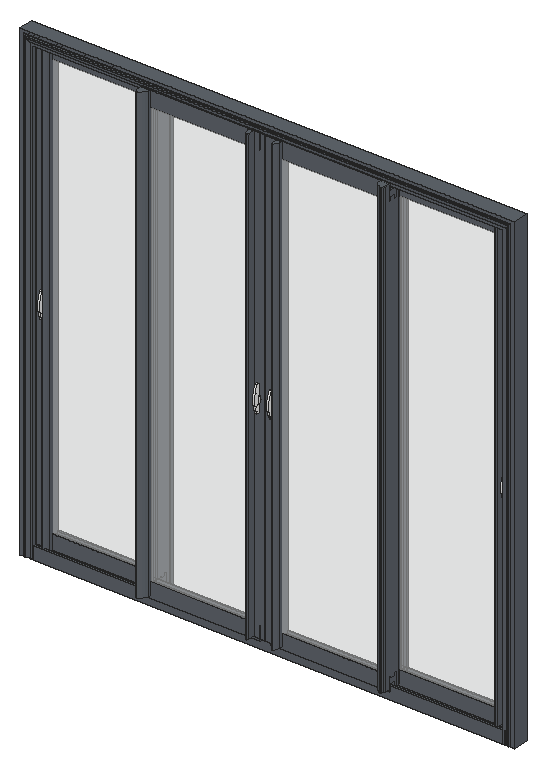
Revit family "Wicslide_65_Glass24_4_leaf_2_track_4_leaf_slide_or_2_inner_slide_2_outer_fixed", category Doors, host Wall, Revit 2014
Parameters
  Youtube clip = ""
  Weight Net (Kg) = 0
  Watertightness = "E900"
  Uniclass2 = "Ss-25-30-95-28"
  Uniclass 2015 Name = ""
  Uniclass 2015 Code = ""
  Uniclass 2.0 Description = ""
  Uniclass 2.0 Code = ""
  Uniclass 1.4 Description = ""
  Uniclass 1.4 Code = ""
  URL = "http://www.wicona.com"
  UNSPSC Code = ""
  Technical description = ""
  Sash meeting 3041242 = yes
  Sash meeting 3041241 = no
  Sash meeting 3041240 = not(or(Sash meeting 3041241, Sash meeting 3041242))  # no
  Sash 1041263 = yes
  Thermal (2-leaf frame) = "Uw < 1.5 W/m².K (with Ug = 1.0)"
  Sash 1041262 = no
  Sash 1041261 = no
  Sash 1041260 = not(or(Sash 1041261, Sash 1041262, Sash 1041263))  # no
  Repeated Opening/Closing = "Class 3 (20,000 Cycles)"
  Region South America = "None"
  Region Oceania = "None"
  Region North America = "None"
  Region Middle East = "None"
  Region Europe = "AD, AL, AT, AX, BA, BE, BG, BY, CH, CS, CY, CZ, DE, DK, EE, ES, FI, FO, FR, GB, GG, GI, GR, HR, HU, IE, IM, IS, IT, JE, LI, LT, LU, LV, MC, MD, ME, MK, MT, NL, NO, PL, PT, RO, RS, RU, SE, SI, SJ, SK, SM, UA, VA, XK"
  Region Asia = "None"
  Region Antarctica = "None"
  Region Africa = "None"
  Quality Assurance = "Certified according to ISO 9001:2008"
  QR code = "http://bimobject.com/wicona/product/WICSLIDE_65_W"
  Product group = ""
  Product family = ""
  Product data url = "http://bimobject.com/wicona/product/WICSLIDE_65_W"
  Product certification = ""
  Product SKU = "WICSLIDE_65_W"
  Product Guid = "74bd8be9-202c-4542-9c4e-775a99e34c85"
  Operation = "IFC_DOORSLIDING"
  Operating Forces = "Class 1"
  OmniClass Description = ""
  OmniClass Code = ""
  Nominal width = 220000
  Nominal height = 210000
  NBS Reference Description = ""
  NBS Reference Code = ""
  Model = "Wicslide 65"
  Mechanical Strength = "Class 4"
  Maximum Sash Weight = "160kg as standard design, heavier weights can easily be customised"
  Material secondary = ""
  Material main = ""
  Manufacturer name = "Wicona"
  Manufacturer country = "Germany"
  Manufacturer = "Wicona"
  Load Bearing Capacity of Safety Devices = "Fulfilled"
  Leaf Width = 56 mm + Glass Width + 17 mm  # 520.25 mm
  Leaf Material = WICONA - Aluminium - RAL7016 - Anthracite Grey - Matt
  Leaf Height All = Height - Frame Width 2 - Bottom Offset  # 2007.5 mm
  Leaf Connect = 6.2 mm  # constant formula
  Leaf 4 Width = 17 mm + Glass Width + 56 mm  # 520.25 mm
  Leaf 3 Width = 17 mm + Glass Width + 56 mm  # 520.25 mm
  Leaf 2 Width = 17 mm + Glass Width + 56 mm  # 520.25 mm
  Keynote = "L10/330"
  Installation instructions = ""
  IFC Classification = ""
  Handle Material = Aluminium
  Glass Width = Frame all / 4  # 447.25 mm
  Glass Material = WICONA -  Glass
  Function = Interior
  Frame all = Width - ((56 mm * 4) + (17 mm * 4) + (Frame Width 2 * 2)) - 24 mm  # 1789 mm
  Frame Width 3 = Frame Width - 34.5 mm  # 32.5 mm
  Frame Width 2 = if(Frame 1041226, 47.5 mm, if(Frame 1041231, 54.5 mm, 54.5 mm))  # 47.5 mm
  Frame Width = 67 mm
  Height = 2100 mm
  Wall Closure = By host
  Width = 2200 mm
  Frame Material = WICONA - Aluminium - RAL7016 - Anthracite Grey - Matt
  Frame Depth = 65 mm
  Frame 1041226 = yes
  Frame 1041231 = not(or(Frame 1041226))  # no
  Edition number = 1
  EN1627 Burglar Resistance = "RC1N, RC2N, RC2, RC3, SBD"
  EAN code = ""
  Door Offset = 60 mm
  Door 1 connect = Leaf 3 Width + Frame Width 2  # 567.75 mm
  Door 2 connect = Leaf 3 Width * 2 + Frame Width 2 + 24 mm  # 1112 mm
  Design country = "Germany"
  Description = "With  its  various  designs  of  outer  and  opening  frames, multiple  leaf  combinations  (from  2  to  6  leaves)  and  its  comprehensive range of dual colour solutions, the Wicslide 65 brings greater freedom to building design. Designed  to  meet  market  demands,  Wicslide  65  sliding doors are perfectly suited for disabled access."
  Date of publishing = "3/14/2015"
  Corrosion Resistance of the Fittings = "Class 5"
  COBIe Type Category = ""
  Bottom Offset = if(Frame Bottom 1041226, 45 mm, 53 mm)  # 45 mm
  Frame Bottom 1041232 = no
  Frame Bottom 1041226 = yes
  Frame Bottom 1041231 = not(or(Frame Bottom 1041232, Frame Bottom 1041226))  # no
  BIMobject category = ""
  Analytic Construction = "<None>"
  Air Permeability = "Class 4"
  Acoustic = "RA,tr = 35 dB"
Reference planes
  plane 1: y = 0
  plane 2 "Center (Left/Right)": x = 0
  plane 3 "Left": x = -1100
  plane 4 "Right": x = 1100
  plane 5: z = 2100
  plane 6 "Exterior": y = 75
  plane 7 "Interior": y = -75
  plane 8 "base line": y = 15
  plane 9: y = -50
  plane 10: x = -1052.5
  plane 11: z = 2052.5
  plane 12: x = 1052.5
  plane 13: x = 12
  plane 14: y = 1081.9
  plane 15: x = -1055
  plane 16: x = 1055
  plane 17: y = -44
  plane 18: y = 9
  plane 19: z = 2051.035
  plane 20: x = -532.25
  plane 21: x = 484.75
Forms (mm)
  Sweep 1, solid, material "WICONA - Aluminium - RAL7016 - Anthracite Grey - Matt" <- "Frame Material", visible <- "Frame 1041231"
    path origin (0, 15, 0) x (-1, 0, 0) y (0, 0, 1)
      loop
        line (1100, 0) -> (1100, 2100) -> (-1100, 2100) -> (-1100, 0)
    profile "Frame_1041231_profil : Frame_1041231_profil" origin (-1100, 15, 1050) x (1, 0, 0) y (0, 1, 0)
      loop
        line (0, 0.014) -> (0, -64.986) -> (47.501, -64.986) -> (47.501, -52.986) -> (28.03, -52.986) -> (28.03, -11.986) -> (47.501, -11.986) -> (47.501, 0.014) -> (0, 0.014)
  Sweep 2, solid, material "WICONA - Aluminium - RAL7016 - Anthracite Grey - Matt" <- "Frame Material", visible <- "Frame Bottom 1041231"
    path origin (0, 15, 0) x (-1, 0, 0) y (0, 0, 1)
      loop
        line (1055, 0) -> (-1055, 0)
    profile origin (0, 15, 0) x (0, 0, -1) y (0, 1, 0)
      loop
        line (0, 0) -> (-47.501, 0) -> (-47.501, -11.986) -> (-28.03, -11.986) -> (-28.03, -52.986) -> (-47.501, -52.986) -> (-47.501, -65) -> (0, -65) -> (0, 0)
  Sweep 3, solid, material "WICONA - Aluminium - RAL7016 - Anthracite Grey - Matt" <- "Frame Material", visible <- "Frame Bottom 1041226"
    path origin (0, 15, 0) x (-1, 0, 0) y (0, 0, 1)
      loop
        line (1055, 0) -> (-1055, 0)
    profile origin (0, 15, 0) x (0, 0, -1) y (0, 1, 0)
      loop
        line (-41.095, 0) -> (-54.504, 0) -> (-54.504, -11.986) -> (-35.067, -11.986) -> (-35.067, -52.986) -> (-54.504, -52.986) -> (-54.504, -65) -> (0, -65) -> (0, 0) -> (-16, 0) -> (-16, -5.069) -> (-17.931, -7) -> (-22.706, -7) -> (-22.706, 2) -> (-28.468, 2) -> (-41.095, 0)
  Sweep 4, solid, material "WICONA - Aluminium - RAL7016 - Anthracite Grey - Matt" <- "Frame Material", visible <- "Frame Bottom 1041232"
    path origin (0, 15, 0) x (-1, 0, 0) y (0, 0, 1)
      loop
        line (1055, 0) -> (-1055, 0)
    profile origin (0, 15, 0) x (0, 0, -1) y (0, 1, 0)
      loop
        line (0, 0) -> (-47.552, 0) -> (-47.552, -12) -> (-28.081, -12) -> (-28.081, -52.986) -> (-47.552, -52.986) -> (-47.552, -65.034) -> (-18.521, -65.034) -> (-18.521, -78.74)
        arc (-18.521, -78.74) -> (-25.376, -83.227) -> (-33.01, -86.2) r 39.405
        line (-33.01, -86.2) -> (-46.2, -86.2) -> (-46.2, -85) -> (-47.5, -85) -> (-47.5, -88) -> (-32.284, -88)
        arc (-32.284, -88) -> (-23.829, -84.402) -> (-16.3, -79.134) r 44.207
        line (-16.3, -79.134) -> (-16.3, -65) -> (0, -65) -> (0, 0)
  Sweep 5, solid, material "WICONA - Aluminium - RAL7016 - Anthracite Grey - Matt" <- "Frame Material", visible <- "Frame 1041226"
    path origin (0, 15, 0) x (-1, 0, 0) y (0, 0, 1)
      loop
        line (1100, 0) -> (1100, 2100) -> (-1100, 2100) -> (-1100, 0)
    profile origin (-1100, 15, 1050) x (1, 0, 0) y (0, 1, 0)
      loop
        line (54.5, -65) -> (54.5, -53) -> (35.067, -53) -> (35.067, -12) -> (54.5, -12) -> (54.5, 0) -> (0, 0) -> (0, -65) -> (16, -65) -> (16, -59.931) -> (17.931, -58) -> (22.706, -58) -> (22.706, -67) -> (28.468, -67) -> (41.095, -65) -> (54.5, -65)
Lines and regions (mm)
  Opening 1
    outline origin (-3050, -75, 0) x (1, 0, 0) y (0, 0, 1)
      loop
        line (1950, 0) -> (4150, 0) -> (4150, 2100) -> (1950, 2100) -> (1950, 0)
  model lines
    curve 1: line (0, -47.728, -46.926) -> (0, -47.728, -43.389)
  symbolic lines, style "Elevation Swing"
    curve 2: line (153.788, -75, 1193.851) -> (433.788, -75, 1193.851)
    curve 3: line (153.788, -75, 1193.851) -> (213.892, -75, 1253.955)
    curve 4: line (153.788, -75, 1193.851) -> (213.892, -75, 1133.747)
    curve 14: line (-129.788, -75, 1193.851) -> (-409.788, -75, 1193.851)
    curve 15: line (-129.788, -75, 1193.851) -> (-189.892, -75, 1253.955)
    curve 16: line (-129.788, -75, 1193.851) -> (-189.892, -75, 1133.747)
    curve 17: line (-906.212, -75, 1193.851) -> (-626.212, -75, 1193.851)
    curve 18: line (-906.212, -75, 1193.851) -> (-846.108, -75, 1253.955)
    curve 19: line (-906.212, -75, 1193.851) -> (-846.108, -75, 1133.747)
    curve 20: line (930.212, -75, 1193.851) -> (650.212, -75, 1193.851)
    curve 21: line (930.212, -75, 1193.851) -> (870.108, -75, 1253.955)
    curve 22: line (930.212, -75, 1193.851) -> (870.108, -75, 1133.747)
  symbolic lines, style "Plan Swing", detail levels coarse
    curve 5: line (-1052.5, -75, 0) -> (-1100, -75, 0)
    curve 6: line (1052.5, 75, 0) -> (1052.5, -75, 0)
    curve 7: line (-1052.5, 75, 0) -> (-1052.5, -75, 0)
    curve 8: line (-1052.5, 75, 0) -> (-1100, 75, 0)
    curve 9: line (1100, 75, 0) -> (1052.5, 75, 0)
    curve 10: line (1100, -75, 0) -> (1052.5, -75, 0)
  symbolic lines, style "Elevation Swing", not visible
    curve 11: line (153.788, -75, 1243.851) -> (433.788, -75, 1243.851)
    curve 12: line (153.788, -75, 1243.851) -> (213.892, -75, 1303.955)
    curve 13: line (153.788, -75, 1243.851) -> (213.892, -75, 1183.747)
Text (mm)
  text "Exterior" at (-2295.016, 1099.543, 0), in view "Ref. Level"
  text "Exterior" at (0, 1615.38, 3698.081), in view "Left"
  text "Exterior" at (0, 1036.032, 3874.932), in view "Right"
Dimensions and locks
  equal spacing: plane 3 "Left", plane 2 "Center (Left/Right)", plane 4 "Right"
  "Width": plane 3 "Left" to plane 4 "Right"
  "Height": plane 5 to host wall
  host wall to plane 5 = 2100 mm  (x2)
  locked: plane 6 "Exterior" to host wall at 0
  locked: plane 7 "Interior" to host wall
  "Door Offset": host wall to plane 8 "base line"
  "Frame Depth": plane 8 "base line" to plane 9
  "Frame Width 2": plane 3 "Left" to plane 10
  "Frame Width 2": plane 11 to plane 5
  "Frame Width 2": plane 12 to plane 4 "Right"
  "Bottom Offset": plane 3 "Left" to plane 15
  "Bottom Offset": plane 16 to plane 4 "Right"
  locked: plane 8 "base line" to plane 18 at 6
  locked: plane 9 to plane 17 at 6
  locked: plane 11 to plane 19 at 1.465
  "Door 2 connect": plane 3 "Left" to plane 13
  "Door 1 connect": plane 3 "Left" to plane 20
  "Door 1 connect": plane 21 to plane 12
  aligned and locked: plane 3 "Left" to Opening 1 sketch curve
  aligned and locked: plane 5 to Opening 1 sketch curve  (x2)
  aligned and locked: Opening 1 sketch curve to plane 4 "Right"
  aligned and locked: Opening 1 sketch curve to level
  aligned and locked: plane 1 to host wall
  aligned and locked: Sweep 1 sketch curve to plane 3 "Left"
  aligned and locked: plane 5 to Sweep 1 sketch curve
  aligned and locked: plane 4 "Right" to Sweep 1 sketch curve
  aligned and locked: nested 1 to plane 8 "base line"
  aligned and locked: nested 1 to plane 3 "Left"
  aligned and locked: nested 2 to plane 4 "Right"
  aligned and locked: plane 8 "base line" to nested 2
  aligned and locked: plane 9 to nested 3
  aligned and locked: level to nested 3
  aligned and locked: nested 4 to level
  aligned and locked: nested 4 to plane 9
  aligned and locked: level to nested 5
  aligned and locked: plane 9 to nested 5
  aligned and locked: plane 16 to Sweep 3 sketch curve
  aligned and locked: plane 15 to Sweep 3 sketch curve
  aligned and locked: plane 15 to Sweep 4 sketch curve
  aligned and locked: plane 16 to Sweep 4 sketch curve
  aligned and locked: plane 15 to Sweep 2 sketch curve
  aligned and locked: plane 16 to Sweep 2 sketch curve
  aligned and locked: plane 5 to nested 6
  aligned and locked: nested 7 to plane 4 "Right"
  aligned and locked: plane 8 "base line" to nested 7
  aligned and locked: nested 8 to plane 8 "base line"
  aligned and locked: nested 8 to plane 3 "Left"
  aligned and locked: plane 5 to nested 9
  aligned and locked: plane 9 to nested 9
  aligned and locked: plane 19 to nested 10
  aligned and locked: plane 7 "Interior" to curve 7
  aligned and locked: plane 6 "Exterior" to curve 7
  aligned and locked: curve 7 to plane 10
  aligned and locked: plane 3 "Left" to curve 8
  aligned and locked: plane 10 to curve 8
  aligned and locked: curve 8 to plane 6 "Exterior"
  aligned and locked: plane 3 "Left" to curve 5
  aligned and locked: curve 5 to plane 7 "Interior"
  aligned and locked: plane 7 "Interior" to curve 6
  aligned and locked: plane 6 "Exterior" to curve 6
  aligned and locked: curve 6 to plane 12
  aligned and locked: plane 4 "Right" to curve 10
  aligned and locked: plane 12 to curve 10
  aligned and locked: curve 10 to plane 7 "Interior"
  aligned and locked: plane 4 "Right" to curve 9
  aligned and locked: curve 9 to plane 6 "Exterior"
  aligned and locked: plane 10 to nested 11
  aligned and locked: nested 11 to plane 18
  aligned and locked: nested 12 to plane 17
  aligned and locked: plane 12 to nested 12
  aligned and locked: plane 17 to nested 10
  aligned and locked: plane 13 to nested 10
  aligned and locked: plane 12 to nested 13
  aligned and locked: plane 18 to nested 13
  aligned and locked: nested 13 to plane 19
  aligned and locked: nested 6 to plane 9
  aligned and locked: plane 10 to nested 14
  aligned and locked: nested 14 to plane 18
  aligned and locked: plane 20 to nested 15
  aligned and locked: nested 15 to plane 17
  aligned and locked: plane 19 to nested 14
  aligned and locked: nested 15 to plane 19
  aligned and locked: plane 10 to nested 16
  aligned and locked: plane 20 to nested 16
  aligned and locked: plane 20 to nested 17
  aligned and locked: plane 13 to nested 17
  aligned and locked: plane 13 to nested 18
  aligned and locked: plane 12 to nested 19
  aligned and locked: plane 21 to nested 18
  aligned and locked: plane 21 to nested 19
  aligned and locked: nested 16 to plane 18
  aligned and locked: nested 19 to plane 18
  aligned and locked: nested 17 to nested 15
  aligned and locked: nested 10 to nested 18
Automatic sketch dimensions
  Sweep 1 sketch curve to level = 0 mm  (x2)
  Sweep 3 sketch curve to level = 0 mm
  plane 9 to curve 1 = 2.272 mm
  curve 1 to level = 46.926 mm
  curve 1 to curve 1 = 3.537 mm
  Sweep 2 sketch curve to level = 0 mm
  Sweep 4 sketch curve to level = 0 mm
  plane 4 "Right" to Sweep 5 sketch curve = 0 mm
  plane 3 "Left" to Sweep 5 sketch curve = 0 mm
  Sweep 5 sketch curve to level = 0 mm  (x2)
  Sweep 5 sketch curve to plane 5 = 0 mm
  Sweep 3 sketch curve to plane 8 "base line" = 0 mm  (x2)
  Sweep 3 sketch curve to profile plane = 0 mm
  Sweep 3 sketch curve to plane 8 "base line" = 5.069 mm
  profile plane to Sweep 3 sketch curve = 16 mm
  Sweep 3 sketch curve to plane 8 "base line" = 7 mm
  Sweep 3 sketch curve to Sweep 3 sketch curve = 1.931 mm
  plane 8 "base line" to Sweep 3 sketch curve = 2 mm
  Sweep 3 sketch curve to Sweep 3 sketch curve = 6.706 mm
  Sweep 3 sketch curve to Sweep 3 sketch curve = 5.762 mm
  Sweep 3 sketch curve to Sweep 3 sketch curve = 12.361 mm
  Sweep 3 sketch curve to Sweep 3 sketch curve = 12.628 mm
  Sweep 3 sketch curve to Sweep 3 sketch curve = 19.437 mm
  Sweep 3 sketch curve to Sweep 3 sketch curve = 13.408 mm
  Sweep 3 sketch curve to plane 8 "base line" = 11.986 mm
  Sweep 3 sketch curve to Sweep 3 sketch curve = 41 mm
  Sweep 3 sketch curve to Sweep 3 sketch curve = 12.014 mm
  Sweep 2 sketch curve to plane 8 "base line" = 0 mm
  profile plane to Sweep 2 sketch curve = 47.501 mm
  Sweep 2 sketch curve to Sweep 2 sketch curve = 0 mm
  Sweep 2 sketch curve to Sweep 2 sketch curve = 19.471 mm
  Sweep 2 sketch curve to profile plane = 0 mm
  Sweep 2 sketch curve to plane 8 "base line" = 11.986 mm
  Sweep 2 sketch curve to Sweep 2 sketch curve = 41 mm
  Sweep 2 sketch curve to Sweep 2 sketch curve = 12.014 mm
  Sweep 5 sketch curve to plane 8 "base line" = 0 mm
  Sweep 5 sketch curve to profile plane = 0 mm
  Sweep 5 sketch curve to profile plane = 16 mm
  Sweep 5 sketch curve to Sweep 5 sketch curve = 1.931 mm  (x2)
  Sweep 5 sketch curve to Sweep 5 sketch curve = 6.706 mm
  Sweep 5 sketch curve to Sweep 5 sketch curve = 5.762 mm
  Sweep 5 sketch curve to plane 8 "base line" = 12 mm
  Sweep 5 sketch curve to profile plane = 35.067 mm
  Sweep 5 sketch curve to Sweep 5 sketch curve = 19.433 mm  (x2)
  Sweep 5 sketch curve to Sweep 5 sketch curve = 41 mm
  Sweep 5 sketch curve to Sweep 5 sketch curve = 5 mm
  Sweep 5 sketch curve to Sweep 5 sketch curve = 5.069 mm
  Sweep 5 sketch curve to Sweep 5 sketch curve = 2 mm
  Sweep 5 sketch curve to Sweep 5 sketch curve = 12.628 mm
  Sweep 5 sketch curve to Sweep 5 sketch curve = 12 mm
  Sweep 4 sketch curve to plane 8 "base line" = 0 mm
  Sweep 4 sketch curve to profile plane = 0 mm
  profile plane to Sweep 4 sketch curve = 16.3 mm
  Sweep 4 sketch curve to Sweep 4 sketch curve = 2.221 mm
  Sweep 4 sketch curve to plane 8 "base line" = 12 mm
  Sweep 4 sketch curve to Sweep 4 sketch curve = 13.763 mm
  Sweep 4 sketch curve to Sweep 4 sketch curve = 15.333 mm
  Sweep 4 sketch curve to Sweep 4 sketch curve = 1.858 mm
  Sweep 4 sketch curve to Sweep 4 sketch curve = 13.916 mm
  Sweep 4 sketch curve to Sweep 4 sketch curve = 1.3 mm
  Sweep 4 sketch curve to Sweep 4 sketch curve = 4.138 mm
  Sweep 4 sketch curve to Sweep 4 sketch curve = 19.471 mm
  Sweep 4 sketch curve to Sweep 4 sketch curve = 33.744 mm
  Sweep 4 sketch curve to Sweep 4 sketch curve = 2.45 mm
  Sweep 4 sketch curve to Sweep 4 sketch curve = 4.793 mm
  Sweep 4 sketch curve to Sweep 4 sketch curve = 12.014 mm
  Sweep 4 sketch curve to Sweep 4 sketch curve = 12.048 mm
  Sweep 4 sketch curve to Sweep 4 sketch curve = 14.134 mm
  Sweep 4 sketch curve to Sweep 4 sketch curve = 3 mm
  Sweep 4 sketch curve to Sweep 4 sketch curve = 1.2 mm
  Sweep 4 sketch curve to Sweep 4 sketch curve = 0.726 mm
  Sweep 4 sketch curve to Sweep 4 sketch curve = 0.394 mm
Nested families
  nested 1: "Frame_1041231" at (-1100, 15, 0), visible <- "Frame 1041231", type "Frame_1041231"
  nested 2: "Frame_1041231" at (1100, 15, 0) x (-1, 0, 0) z (0, 0, 1), visible <- "Frame 1041231", type "Frame_1041231"
  nested 3: "Frame_1041226" at (0, -50, 0) x (0, 0, 1) z (1, 0, 0), type "Frame_1041226"
  nested 4: "Frame_Bottom_1041232" at (0, 15, 0) x (0, 0, 1) z (1, 0, 0), visible <- "Frame Bottom 1041232", built-in parameter 1006206 <- "Frame Bottom 1041232", type "Frame_Bottom_1041232"
  nested 5: "Frame_1041231" at (0, -50, 0) x (0, 0, 1) z (1, 0, 0), visible <- "Frame Bottom 1041231", type "Frame_1041231"
  nested 6: "Frame_1041231" at (0, 15, 2100) x (0, 0, -1) z (1, 0, 0), type "Frame_1041231"
  nested 7: "Frame_1041226" at (1100, 15, 0) x (-1, 0, 0) z (0, 0, 1), visible <- "Frame 1041226", type "Frame_1041226"
  nested 8: "Frame_1041226" at (-1100, 15, 0), visible <- "Frame 1041226", type "Frame_1041226"
  nested 9: "Frame_1041226" at (0, 15, 2100) x (0, 0, -1) z (1, 0, 0), visible <- "Frame 1041226", type "Frame_1041226"
  nested 10: "Leaf_Wicslide_65_2_leaf_2_track_both_sliding_or_1_fixed_1slide" at (12, -44, 43.535), type "Leaf_Wicslide_65_2_leaf_2_track_both_sliding_or_1_fixed_1slide"
    with Sash 1041263 yes, Sash 1041261 no, Handle Distance 18 mm, Leaf Width 520.25 mm, Leaf Height 2007.5 mm
  nested 11: "Seal" at (-1052.5, 9, 0), type "Seal"
  nested 12: "Seal" at (1052.5, -44, 0) x (-1, 0, 0) z (0, 0, 1), type "Seal"
  nested 13: "Leaf_Wicslide_65_2_leaf_2_track_both_sliding_or_1_fixed_1slide_right" at (1050.984, 9, 43.535) x (-1, 0, 0) z (0, 0, 1), type "Leaf_Wicslide_65_2_leaf_2_track_both_sliding_or_1_fixed_1slide_right"
    with Sash 1041263 yes, Sash 1041261 no, Handle Distance 18 mm, Leaf Width 520.25 mm, Leaf Height 2007.5 mm
  nested 14: "Leaf_Wicslide_65_meet_connect_in_handle_left" at (-1050.984, 9, 43.535), type "Leaf_Wicslide_65_meet_connect_in_handle_left"
    with Sash 1041263 yes, Sash 1041261 no, Handle Distance 18 mm, Leaf Width 520.25 mm, Leaf Height 2007.5 mm
  nested 15: "Leaf_Wicslide_65_2_leaf_2_track_both_sliding_or_1_fixed_1slide_mirror" at (-12, -44, 43.535) x (-1, 0, 0) z (0, 0, 1), type "Leaf_Wicslide_65_2_leaf_2_track_both_sliding_or_1_fixed_1slide_mirror"
    with Sash 1041263 yes, Sash 1041261 no, Handle Distance 18 mm, Leaf Width 520.25 mm, Leaf Height 2007.5 mm
  nested 16: "sliding door_coarse" at (-1052.5, 9, 0), type "52"
    with built-in parameter 1001306 1.7069 (stored number, unit not read)
  nested 17: "sliding door_coarse" at (-532.25, -44, 0), type "52"
    with built-in parameter 1001306 1.7856 (stored number, unit not read)
  nested 18: "sliding door_coarse" at (12, -44, 0), type "52"
    with built-in parameter 1001306 1.551 (stored number, unit not read)
  nested 19: "sliding door_coarse" at (484.75, 9, 0), type "52"
    with built-in parameter 1001306 1.8627 (stored number, unit not read)
Definition of nested family "Leaf_Wicslide_65_2_leaf_2_track_both_sliding_or_1_fixed_1slide"
  Parameters (values of type "Leaf_Wicslide_65_2_leaf_2_track_both_sliding_or_1_fixed_1slide")
    Sash meeting 3041242 = yes
    Sash meeting 3041240 = no
    Sash meeting 3041241 = no
    Sash 1041263 = no
    Sash 1041260 = no
    Sash 1041261 = yes
    Sash 1041262 = no
    Profil Bottom = 4 mm
    Handle Distance = if(Sash 1041260, 18 mm, if(Sash 1041261, 41 mm, if(Sash 1041262, 38 mm, 18 mm)))  # 41 mm
    Leaf Width = 896 mm
    Leaf Material = Aluminium
    Leaf Height = 1922 mm
    Handle Material = Aluminium
    Handle Height = 850 mm  # constant formula
    Glass Width = 24 mm
    Glass Offset 2 = 7 mm  # constant formula
    Glass Offset = 46.1 mm  # constant formula
    Glass Material = WICONA -  Glass
    Glas Offset Bottom = 46.6 mm
    Frame Material = Aluminium
  Reference planes
    plane 1 "Center (Front/Back)": y = 0
    plane 2: z = 0
    plane 3 "Center (Left/Right)": x = 0
    plane 4: x = 896
    plane 5: z = 1922
    plane 6: x = 46.1
    plane 7: x = 889
    plane 8: z = 1875.4
    plane 9: z = 46.6
    plane 10: z = 896.6
    plane 11: x = 58.1
    plane 12: y = -12.117
    plane 13: y = 11.883
    plane 14: y = 7.334
    plane 15: y = 31.334
    plane 16: x = -3.312
    plane 17: x = 899.312
    plane 18: z = 46.6
    plane 19: y = -41
    plane 20: x = 20
    plane 21: z = 960.237
    plane 22: z = 1923.516
    plane 23: x = -1.516
    plane 24: y = -21.816
    plane 25: z = -5.306
    plane 26: z = 25
    plane 27: x = 914.975
    plane 28: z = 1932.5
    plane 29: z = 1902.5
    plane 30: z = 4
  Forms (mm)
    Sweep 1, solid, material "Aluminium" <- "Leaf Material", visible <- "Sash 1041260"
      path origin (-1.381, 0, 34.551) x (1, 0, 0) y (0, 0, 1)
        loop
          line (0, -30.551) -> (0, 1897.949)
      profile origin (-1.381, 0, 968.25) x (-1, 0, 0) y (0, -1, 0)
        loop
          line (-59.481, -18) -> (8.519, -18) -> (8.519, -12.517) -> (-13.431, -12.517) -> (-13.431, 12.671) -> (8.519, 12.671) -> (8.519, 18) -> (-59.395, 18) -> (-59.395, 12.117) -> (-47.481, 12.117) -> (-47.481, -11.883) -> (-59.481, -11.883) -> (-59.481, -18)
    Extrusion 2, solid, material "WICONA -  Glass" <- "Glass Material", detail levels medium+fine
      sketch origin (-214.248, -550.766, -473.088) x (1, 0, 0) y (0, 0, 1)
        loop
          line (260.348, 2348.488) -> (260.348, 519.688) -> (1103.248, 519.688) -> (1103.248, 2348.488) -> (260.348, 2348.488)
      from -562.649 to -538.649
    Sweep 3, solid, material "Aluminium" <- "Leaf Material"
      path origin (0, 0, 0) x (1, 0, 0) y (0, 0, 1)
        loop
          line (12.05, 0) -> (914.975, 0)
      profile origin (463.512, 0, 0) x (0, 0, 1) y (0, -1, 0)
        loop
          line (-5.306, -16.029) -> (58.694, -16.029) -> (58.694, -11.883) -> (46.634, -11.883) -> (46.634, 12.117) -> (58.694, 12.117) -> (58.694, 16.171) -> (-5.306, 16.171) -> (-5.306, 12.671) -> (25, 12.671) -> (25, -12.517) -> (-5.306, -12.517) -> (-5.306, -16.029)
    Sweep 4, solid, material "Aluminium" <- "Leaf Material", visible <- "Sash meeting 3041240"
      path origin (0, 0, 0) x (1, 0, 0) y (0, 0, 1)
        loop
          line (896, 1932.5) -> (896, 4)
      profile origin (896, 0, 968.25) x (0, -1, 0) y (1, 0, 0)
        loop
          line (-18, -19.026) -> (-11.883, -19.026) -> (-11.883, -7.023) -> (12.117, -7.023) -> (12.117, -19.026) -> (18, -19.026) -> (18, 18.975) -> (-27.453, 18.975) -> (-27.453, 0) -> (-18, 0) -> (-18, -19.026)
    Sweep 5, solid, material "Aluminium" <- "Leaf Material", visible <- "Sash 1041263"
      path origin (0, 0, 0) x (1, 0, 0) y (0, 0, 1)
        loop
          line (0, 4) -> (0, 1932.5)
      profile origin (0, 0, 968.25) x (-1, 0, 0) y (0, -1, 0)
        loop
          line (9.9, -18) -> (9.9, -12.517) -> (-12.05, -12.517) -> (-12.05, 12.671) -> (9.9, 12.671) -> (9.9, 18) -> (-41.1, 18) -> (-41.1, 43) -> (-42.787, 50.915) -> (-43.872, 52) -> (-47.182, 52)
          arc (-47.182, 52) -> (-54.565, 40.341) -> (-58.1, 27) r 45.352
          line (-58.1, 27) -> (-58.1, -18) -> (9.9, -18)
    Sweep 6, solid, material "Aluminium" <- "Leaf Material", visible <- "Sash 1041262"
      path origin (0, 0, 0) x (1, 0, 0) y (0, 0, 1)
        loop
          line (0, 4) -> (0, 1932.5)
      profile origin (0, 0, 968.25) x (-1, 0, 0) y (0, -1, 0)
        loop
          line (-58.1, -18) -> (9.9, -18) -> (9.9, -12.517) -> (-12.05, -12.517) -> (-12.05, 12.671) -> (9.9, 12.671) -> (9.9, 18) -> (-6.1, 18) -> (-6.1, 38) -> (-58.1, 38) -> (-58.1, 12.117) -> (-46.1, 12.117) -> (-46.1, -11.883) -> (-58.1, -11.883) -> (-58.1, -18)
    Sweep 7, solid, material "Aluminium" <- "Leaf Material", visible <- "Sash 1041261"
      path origin (0, 0, 0) x (1, 0, 0) y (0, 0, 1)
        loop
          line (0, 4) -> (0, 1932.5)
      profile origin (0, 0, 968.25) x (-1, 0, 0) y (0, -1, 0)
        loop
          line (9.9, -18) -> (9.9, -12.517) -> (-12.05, -12.517) -> (-12.05, 12.671) -> (9.9, 12.671) -> (9.9, 41) -> (-58.1, 41) -> (-58.1, 12.117) -> (-46.136, 12.117) -> (-46.136, -11.883) -> (-58.1, -11.883) -> (-58.1, -18) -> (9.9, -18)
    Sweep 8, solid, material "Aluminium" <- "Leaf Material", visible <- "Sash meeting 3041242"
      path origin (0, 0, 0) x (1, 0, 0) y (0, 0, 1)
        loop
          line (896, 4) -> (896, 1932.5)
      profile origin (896, 0, 968.25) x (-1, 0, 0) y (0, -1, 0)
        loop
          line (19.026, -18) -> (19.026, -11.883) -> (7, -11.883) -> (7, 12.117) -> (19.026, 12.117) -> (19.026, 26.74)
          arc (19.026, 26.74) -> (9.037, 45.04) -> (-7.45, 57.8) r 50.906
          line (-7.45, 57.8) -> (-13.135, 57.8) -> (-14.994, 56.798) -> (-17.979, 45.657) -> (-18.975, 37.547) -> (-18.975, -27.453) -> (0, -27.453) -> (0, -18) -> (19.026, -18)
    Sweep 9, solid, material "Aluminium" <- "Leaf Material", visible <- "Sash meeting 3041241"
      path origin (0, 0, 0) x (1, 0, 0) y (0, 0, 1)
        loop
          line (896, 4) -> (896, 1932.5)
      profile origin (896, 0, 968.25) x (-1, 0, 0) y (0, -1, 0)
        loop
          line (0, -18) -> (19.026, -18) -> (19.026, -11.883) -> (7.023, -11.883) -> (7.023, 12.117) -> (19.026, 12.117) -> (19.026, 52.8) -> (-18.975, 52.8) -> (-18.975, -27.453) -> (0, -27.453) -> (0, -18)
    Sweep 10, solid, material "Aluminium" <- "Leaf Material"
      path origin (0, 0, 0) x (1, 0, 0) y (0, 0, 1)
        loop
          line (12.05, 1922) -> (914.975, 1922)
      profile origin (463.512, 0, 1922) x (0, 0, 1) y (0, -1, 0)
        loop
          line (10.5, 16.029) -> (-57.541, 16.029) -> (-57.541, 12.037) -> (-41.44, 12.037) -> (-41.44, -11.963) -> (-57.541, -11.963) -> (-57.541, -16.171) -> (10.5, -16.171) -> (10.5, -12.671) -> (-19.5, -12.671) -> (-19.5, 12.529) -> (10.5, 12.529) -> (10.5, 16.029)
    Extrusion 11, void
      sketch origin (0, 0, 0) x (1, 0, 0) y (0, 1, 0)
        loop
          line (889, 11.883) -> (889, -12.117) -> (925.276, -12.117) -> (925.276, 11.883) -> (889, 11.883)
      from -5.306 to 25
    Extrusion 12, void
      sketch origin (2, 0, 1844.745) x (1, 0, 0) y (0, 1, 0)
        loop
          line (887, 11.883) -> (887, -12.117) -> (925.276, -12.117) -> (925.276, 11.883) -> (887, 11.883)
      from 57.755 to 87.755
  Cuts and joins
    Extrusion 11 cuts Extrusion 2
    Extrusion 11, Extrusion 12 cuts Sweep 3
    Extrusion 11, Extrusion 12 cuts Sweep 4
    Extrusion 11, Extrusion 12 cuts Sweep 8
    Extrusion 11, Extrusion 12 cuts Sweep 9
  Lines and regions (mm)
    symbolic lines, style "GenericModel", detail levels medium+fine
      curve 1: line (62.7, 0, 0) -> (874, 0, 0)
      curve 2: line (0, 11.883, 1875.4) -> (0, 11.883, 46.6)
      curve 3: line (0, -12.117, 1875.4) -> (0, -12.117, 46.6)
      curve 4: line (0, 0, 1875.4) -> (0, 0, 46.6)
      curve 5: line (46.1, 0, 0) -> (889, 0, 0)
  Dimensions and locks
    "Leaf Width": plane 3 "Center (Left/Right)" to plane 4
    "Leaf Height": plane 5 to level
    "Glass Offset": plane 3 "Center (Left/Right)" to plane 6
    "Glass Offset 2": plane 7 to plane 4
    "Glas Offset Bottom": plane 5 to plane 8
    level to plane 10 = 896.6 mm
    "Glass Width": plane 15 to plane 14
    "Handle Height": plane 10 to plane 9
    "Glas Offset Bottom": plane 9 to level
    locked: plane 3 "Center (Left/Right)" to plane 16 at 3.312
    locked: plane 17 to plane 4 at 3.312
    locked: plane 3 "Center (Left/Right)" to plane 20 at 20
    "Handle Distance": plane 19 to plane 1 "Center (Front/Back)"
    plane 21 to level = 960.237 mm
    plane 24 to plane 1 "Center (Front/Back)" = 21.816 mm
    plane 26 to level to plane 25 = 25 mm locked, 5.306 mm locked
    locked: plane 4 to plane 27 at 18.975
    plane 28 to plane 5 to plane 29 = 10.5 mm locked, 19.5 mm locked
    "Profil Bottom": plane 30 to level
    aligned and locked: level to plane 2
    aligned and locked: plane 6 to nested 1
    aligned and locked: plane 7 to nested 1
    aligned and locked: plane 12 to nested 1
    aligned and locked: nested 2 to plane 8
    aligned and locked: nested 2 to plane 9
    aligned and locked: plane 12 to nested 2
    aligned and locked: plane 6 to curve 5
    aligned and locked: plane 7 to curve 5
    aligned and locked: plane 9 to plane 18
    aligned and locked: plane 4 to nested 4
    aligned and locked: nested 4 to plane 1 "Center (Front/Back)"
    aligned and locked: nested 3 to plane 3 "Center (Left/Right)"
    aligned and locked: nested 3 to plane 1 "Center (Front/Back)"
    aligned and locked: nested 5 to level
    aligned and locked: nested 5 to plane 1 "Center (Front/Back)"
    aligned and locked: nested 6 to plane 1 "Center (Front/Back)"
    aligned and locked: nested 6 to plane 3 "Center (Left/Right)"
    aligned and locked: nested 7 to plane 1 "Center (Front/Back)"
    aligned and locked: nested 7 to plane 3 "Center (Left/Right)"
    aligned and locked: nested 8 to plane 1 "Center (Front/Back)"
    aligned and locked: nested 8 to plane 3 "Center (Left/Right)"
    aligned and locked: plane 4 to nested 9
    aligned and locked: plane 4 to nested 10
    aligned and locked: nested 9 to plane 1 "Center (Front/Back)"
    aligned and locked: nested 10 to plane 1 "Center (Front/Back)"
    aligned and locked: Extrusion 2 to plane 6
    aligned and locked: plane 7 to Extrusion 2
    aligned and locked: plane 8 to Extrusion 2
    aligned and locked: Extrusion 2 to plane 9
    aligned and locked: Extrusion 2 to plane 13
    aligned and locked: plane 12 to Extrusion 2
    aligned and locked: Sweep 4 to Sweep 3 sketch curve
    aligned and locked: nested 11 to plane 1 "Center (Front/Back)"
    aligned and locked: nested 8 to nested 11
    aligned and locked: plane 19 to nested 12
    aligned and locked: nested 12 to plane 20
    aligned and locked: plane 21 to nested 12
    aligned and locked: plane 5 to nested 13
    aligned and locked: plane 1 "Center (Front/Back)" to nested 13
    aligned and locked: Sweep 10 to Sweep 4 sketch curve
    aligned and locked: Sweep 10 to Sweep 9 sketch curve
    aligned and locked: Sweep 10 to Sweep 8 sketch curve
    aligned and locked: Sweep 10 to Sweep 7 sketch curve
    aligned and locked: Sweep 10 to Sweep 6 sketch curve
    aligned and locked: Sweep 10 to Sweep 5 sketch curve
    aligned and locked: Sweep 10 to Sweep 1 sketch curve
    aligned and locked: Sweep 7 to Sweep 3 sketch curve
    aligned and locked: nested 14 to plane 19
    aligned and locked: nested 14 to plane 20
    aligned and locked: plane 26 to cut or joined group of Sweep 9, Extrusion 11, Extrusion 12
    aligned and locked: cut or joined group of Sweep 9, Extrusion 11, Extrusion 12 to plane 25
    aligned and locked: cut or joined group of Sweep 9, Extrusion 11, Extrusion 12 to plane 7  (x2)
    aligned and locked: plane 28 to cut or joined group of Sweep 9, Extrusion 11, Extrusion 12
    aligned and locked: cut or joined group of Sweep 9, Extrusion 11, Extrusion 12 to plane 29
    aligned and locked: plane 30 to Sweep 9 sketch curve
    aligned and locked: plane 30 to Sweep 4 sketch curve
    aligned and locked: plane 30 to Sweep 7 sketch curve
    aligned and locked: plane 30 to Sweep 6 sketch curve
    aligned and locked: plane 30 to Sweep 5 sketch curve
    aligned and locked: plane 30 to Sweep 1 sketch curve
    aligned and locked: plane 30 to Sweep 8 sketch curve
  Automatic sketch dimensions
    curve 3 to plane 8 = 0 mm
    curve 3 to plane 12 = 0 mm
    curve 4 to plane 1 "Center (Front/Back)" = 0 mm
    curve 2 to plane 9 = 0 mm
    curve 2 to plane 13 = 0 mm
    curve 3 to plane 9 = 0 mm
    curve 4 to plane 9 = 0 mm
    curve 4 to plane 8 = 0 mm
    curve 2 to plane 8 = 0 mm
    plane 1 "Center (Front/Back)" to curve 1 = 0 mm
    plane 1 "Center (Front/Back)" to curve 5 = 0 mm
    curve 1 to plane 11 = 4.6 mm
    curve 1 to plane 7 = 15 mm
    Sweep 1 sketch curve to profile plane = 18 mm
    profile plane to Sweep 1 sketch curve = 59.481 mm
    Sweep 1 sketch curve to Sweep 1 sketch curve = 0.086 mm
    Sweep 1 sketch curve to Sweep 1 sketch curve = 11.914 mm
    profile plane to Sweep 1 sketch curve = 13.431 mm
    Sweep 1 sketch curve to profile plane = 8.519 mm  (x2)
    Sweep 1 sketch curve to Sweep 1 sketch curve = 5.483 mm
    Sweep 1 sketch curve to profile plane = 11.883 mm
    profile plane to Sweep 1 sketch curve = 12.117 mm
    profile plane to Sweep 1 sketch curve = 12.671 mm
    Sweep 1 sketch curve to Sweep 1 sketch curve = 5.329 mm
    Extrusion 2 sketch curve to plane 6 = 0 mm
    Extrusion 2 sketch curve to plane 7 = 0 mm
    Extrusion 2 sketch curve to plane 9 = 0 mm
    Extrusion 2 sketch curve to plane 8 = 0 mm
    Sweep 3 sketch curve to level = 0 mm
    profile plane to Sweep 3 sketch curve = 5.306 mm  (x2)
    Sweep 3 sketch curve to plane 18 = 21.6 mm
    plane 18 to Sweep 3 sketch curve = 0.034 mm
    plane 18 to Sweep 3 sketch curve = 12.094 mm
    Sweep 3 sketch curve to Sweep 3 sketch curve = 12.06 mm
    Sweep 3 sketch curve to plane 1 "Center (Front/Back)" = 16.029 mm
    Sweep 3 sketch curve to Sweep 3 sketch curve = 3.512 mm
    Sweep 3 sketch curve to plane 1 "Center (Front/Back)" = 11.883 mm
    plane 1 "Center (Front/Back)" to Sweep 3 sketch curve = 12.117 mm
    plane 1 "Center (Front/Back)" to Sweep 3 sketch curve = 12.671 mm
    Sweep 3 sketch curve to Sweep 3 sketch curve = 4.054 mm
    Sweep 4 sketch curve to profile plane = 0 mm
    Sweep 4 sketch curve to plane 1 "Center (Front/Back)" = 27.453 mm
    Sweep 4 sketch curve to plane 1 "Center (Front/Back)" = 18 mm
    Sweep 4 sketch curve to Sweep 4 sketch curve = 6.117 mm
    plane 1 "Center (Front/Back)" to Sweep 4 sketch curve = 12.117 mm
    Sweep 4 sketch curve to Sweep 4 sketch curve = 5.883 mm
    profile plane to Sweep 4 sketch curve = 7.023 mm
    Sweep 4 sketch curve to Sweep 4 sketch curve = 12.003 mm  (x2)
    Sweep 4 sketch curve to profile plane = 18.975 mm
    Sweep 5 sketch curve to plane 3 "Center (Left/Right)" = 0 mm
    Sweep 5 sketch curve to plane 1 "Center (Front/Back)" = 18 mm
    profile plane to Sweep 5 sketch curve = 58.1 mm
    Sweep 5 sketch curve to Sweep 5 sketch curve = 10.918 mm
    Sweep 5 sketch curve to Sweep 5 sketch curve = 3.31 mm
    Sweep 5 sketch curve to Sweep 5 sketch curve = 1.085 mm  (x2)
    Sweep 5 sketch curve to Sweep 5 sketch curve = 1.687 mm
    profile plane to Sweep 5 sketch curve = 13.004 mm
    Sweep 5 sketch curve to Sweep 5 sketch curve = 0.954 mm
    Sweep 5 sketch curve to profile plane = 9.9 mm  (x2)
    Sweep 5 sketch curve to plane 1 "Center (Front/Back)" = 12.517 mm
    plane 1 "Center (Front/Back)" to Sweep 5 sketch curve = 12.671 mm
    Sweep 5 sketch curve to Sweep 5 sketch curve = 5.329 mm
    Sweep 5 sketch curve to Sweep 5 sketch curve = 9.518 mm
    Sweep 5 sketch curve to Sweep 5 sketch curve = 9 mm  (x2)
    Sweep 6 sketch curve to plane 3 "Center (Left/Right)" = 0 mm
    Sweep 6 sketch curve to plane 1 "Center (Front/Back)" = 18 mm
    profile plane to Sweep 6 sketch curve = 58.1 mm
    Sweep 6 sketch curve to Sweep 6 sketch curve = 0 mm
    Sweep 6 sketch curve to Sweep 6 sketch curve = 12 mm
    profile plane to Sweep 6 sketch curve = 12.05 mm
    profile plane to Sweep 6 sketch curve = 6.1 mm
    Sweep 6 sketch curve to profile plane = 9.9 mm  (x2)
    Sweep 6 sketch curve to Sweep 6 sketch curve = 5.483 mm
    Sweep 6 sketch curve to Sweep 6 sketch curve = 6.117 mm
    plane 1 "Center (Front/Back)" to Sweep 6 sketch curve = 12.117 mm
    plane 1 "Center (Front/Back)" to Sweep 6 sketch curve = 12.671 mm
    Sweep 6 sketch curve to Sweep 6 sketch curve = 5.329 mm
    Sweep 6 sketch curve to Sweep 6 sketch curve = 20 mm
    Sweep 7 sketch curve to plane 3 "Center (Left/Right)" = 0 mm
    profile plane to Sweep 7 sketch curve = 58.1 mm
    Sweep 7 sketch curve to Sweep 7 sketch curve = 0 mm
    Sweep 7 sketch curve to Sweep 7 sketch curve = 11.964 mm
    profile plane to Sweep 7 sketch curve = 12.05 mm
    Sweep 7 sketch curve to profile plane = 9.9 mm  (x2)
    Sweep 7 sketch curve to plane 1 "Center (Front/Back)" = 18 mm
    Sweep 7 sketch curve to Sweep 7 sketch curve = 5.483 mm
    Sweep 7 sketch curve to plane 1 "Center (Front/Back)" = 11.883 mm
    plane 1 "Center (Front/Back)" to Sweep 7 sketch curve = 12.117 mm
    plane 1 "Center (Front/Back)" to Sweep 7 sketch curve = 12.671 mm
    Sweep 7 sketch curve to Sweep 7 sketch curve = 28.329 mm
    Sweep 8 sketch curve to profile plane = 0 mm
    profile plane to Sweep 8 sketch curve = 7.45 mm
    Sweep 8 sketch curve to Sweep 8 sketch curve = 5.685 mm
    Sweep 8 sketch curve to Sweep 8 sketch curve = 1.859 mm
    Sweep 8 sketch curve to Sweep 8 sketch curve = 2.985 mm
    Sweep 8 sketch curve to Sweep 8 sketch curve = 0.996 mm
    plane 1 "Center (Front/Back)" to Sweep 8 sketch curve = 12.015 mm
    Sweep 8 sketch curve to Sweep 8 sketch curve = 10.729 mm
    Sweep 8 sketch curve to profile plane = 7 mm
    Sweep 8 sketch curve to Sweep 8 sketch curve = 12.026 mm  (x2)
    Sweep 8 sketch curve to plane 1 "Center (Front/Back)" = 11.883 mm
    Sweep 8 sketch curve to Sweep 8 sketch curve = 6.117 mm
    Sweep 8 sketch curve to Sweep 8 sketch curve = 9.453 mm
    plane 1 "Center (Front/Back)" to Sweep 8 sketch curve = 12.117 mm
    Sweep 8 sketch curve to Sweep 8 sketch curve = 14.623 mm
    Sweep 8 sketch curve to Sweep 8 sketch curve = 20.253 mm
    Sweep 8 sketch curve to Sweep 8 sketch curve = 8.11 mm
    Sweep 8 sketch curve to Sweep 8 sketch curve = 1.002 mm
    Sweep 9 sketch curve to profile plane = 0 mm
    profile plane to Sweep 9 sketch curve = 18.975 mm
    Sweep 9 sketch curve to profile plane = 7.023 mm
    Sweep 9 sketch curve to profile plane = 19.026 mm
    Sweep 9 sketch curve to Sweep 9 sketch curve = 12.003 mm
    Sweep 9 sketch curve to plane 1 "Center (Front/Back)" = 27.453 mm
    Sweep 9 sketch curve to Sweep 9 sketch curve = 9.453 mm
    Sweep 9 sketch curve to Sweep 9 sketch curve = 6.117 mm
    plane 1 "Center (Front/Back)" to Sweep 9 sketch curve = 12.117 mm
    Sweep 9 sketch curve to Sweep 9 sketch curve = 40.683 mm
    Sweep 10 sketch curve to plane 5 = 0 mm
    Sweep 10 sketch curve to plane 27 = 0 mm
    plane 20 to Sweep 10 sketch curve = 7.95 mm
    Sweep 10 sketch curve to plane 1 "Center (Front/Back)" = 16.171 mm
    profile plane to Sweep 10 sketch curve = 57.541 mm
    Sweep 10 sketch curve to Sweep 10 sketch curve = 0 mm
    Sweep 10 sketch curve to Sweep 10 sketch curve = 16.102 mm
    profile plane to Sweep 10 sketch curve = 19.5 mm
    Sweep 10 sketch curve to profile plane = 10.5 mm  (x2)
    Sweep 10 sketch curve to plane 1 "Center (Front/Back)" = 12.671 mm
    Sweep 10 sketch curve to Sweep 10 sketch curve = 4.208 mm
    plane 1 "Center (Front/Back)" to Sweep 10 sketch curve = 12.037 mm
    plane 1 "Center (Front/Back)" to Sweep 10 sketch curve = 12.529 mm
    Sweep 10 sketch curve to Sweep 10 sketch curve = 3.5 mm
    Extrusion 11 sketch curve to plane 7 = 0 mm
    plane 12 to Extrusion 11 sketch curve = 0 mm
    plane 13 to Extrusion 11 sketch curve = 0 mm
    plane 27 to Extrusion 11 sketch curve = 10.301 mm
    plane 7 to Extrusion 12 sketch curve = 0 mm
    plane 12 to Extrusion 12 sketch curve = 0 mm
    plane 13 to Extrusion 12 sketch curve = 0 mm
    plane 27 to Extrusion 12 sketch curve = 12.301 mm
    Sweep 8 sketch curve to plane 4 = 0 mm
    Sweep 4 sketch curve to plane 4 = 0 mm
    Sweep 9 sketch curve to plane 4 = 0 mm
    plane 23 to Sweep 1 sketch curve = 0.135 mm
  Nested families
    nested 1: "window_2_pieces_glass_line" at (46.1, -12.117, 0), type "T24"
      with built-in parameter 1001306 2.7654 (stored number, unit not read)
    nested 2: "window_2_pieces_glass_line" at (0, -12.117, 1875.4) x (0, 0, -1) z (1, 0, 0), type "T24"
      with built-in parameter 1001306 6 (stored number, unit not read)
    nested 3: "Sash Verticals_1041260" at (-9.9, 18, 0), visible <- "Sash 1041260", type "Sash Verticals_1041260"
    nested 4: "Sash meeting 3041240" at (896, 18, 0), visible <- "Sash meeting 3041240", type "Sash meeting 3041240"
    nested 5: "Sash_horizontal_1041264" at (0, 0, 0) x (0, 1, 0) z (1, 0, 0), type "Sash_horizontal_1041264"
    nested 6: "Sash Verticals_1041261" at (-9.9, 18, 0), visible <- "Sash 1041261", type "Sash Verticals_1041261"
    nested 7: "Sash Verticals_1041262" at (-9.9, 18, 0), visible <- "Sash 1041262", type "Sash Verticals_1041262"
    nested 8: "Sash Verticals_1041263" at (-9.9, 18, 0), visible <- "Sash 1041263", type "Sash Verticals_1041263"
    nested 9: "Sash meeting_3041241" at (896, 18, 0), visible <- "Sash meeting 3041241", type "Sash meeting_3041241"
    nested 10: "Sash meeting_3041242" at (896, 18, 0), visible <- "Sash meeting 3041242", type "Sash meeting_3041242"
    nested 11: "Sash_lock" at (-9.884, 18, 0), type "Sash_lock"
    nested 12: "wicona_handle_2" at (20, -41, 956.633) x (-1, 0, 0) z (0, 0, 1), type "wicona_handle_2", detail levels medium+fine
    nested 13: "Sash_horizontal_1041264" at (0, 0, 1927.194) x (0, -1, 0) z (1, 0, 0), type "Sash_horizontal_1041264"
    nested 14: "wicona_handle_2d" at (20, -41, 0), type "wicona_handle_2d"
  Definition of nested family "wicona_handle_2"
    Parameters (values of type "wicona_handle_2")
      Leaf Thickness = 119.445 mm
      Handle Material = Aluminium
    Reference planes
      plane 1 "Center (Front/Back)": y = 0
      plane 2: z = 0
      plane 3 "Center (Left/Right)": x = 0
      plane 4: x = -12.5
      plane 5: x = 12.5
      plane 6: y = -25
    Forms (mm)
      Extrusion 1, solid, material "Aluminium" <- "Handle Material"
        sketch origin (0, 0, 0) x (1, 0, 0) y (0, 0, 1)
          loop
            line (0, 24.936) -> (0, -24.936)
            arc (0, -24.936) -> (9.865, 0) -> (0, 24.936) r 36.45
        from 0 to 7.131
      Extrusion 2, solid, material "Aluminium" <- "Handle Material"
        sketch origin (0, 0, 0) x (0, 1, 0) y (0, 0, 1)
          loop
            line (0, 61.209) -> (-11.38, 61.209)
            arc (-11.38, 61.209) -> (-25.13, 4.31) -> (-11.38, -52.589) r 124.599
            line (-11.38, -52.589) -> (0, -52.589) -> (0, 61.209)
        from -4.798 to 4.287
      Extrusion 3, solid, material "Aluminium" <- "Handle Material"
        sketch origin (-0.471, 0, 3.281) x (0.788011, 0, 0.615661) y (-0.615661, 0, 0.788011)
          loop
            line (-12.5, 3.457) -> (-12.5, -1.543) -> (2.5, -1.543) -> (2.5, 3.457) -> (-12.5, 3.457)
        from 0 to 7.131
    Dimensions and locks
      aligned and locked: level to plane 2
  Definition of nested family "window_2_pieces_glass_line"
    Parameters (values of type "T24")
      v1 = 5 mm
      line = 10 mm
      built-in parameter 1001306 [instance] = 1200 mm
      Glass Thickness = 24 mm
    Reference planes
      plane 1 "Center (Front/Back)": y = 0
      plane 2: z = 0
      plane 3 "Left": x = 0
      plane 4 "Right": x = 1200
      plane 5: y = 24
      plane 6: y = 5
      plane 7: y = 19
      plane 8: x = 10
      plane 9: x = 1190
    Lines and regions (mm)
      reference lines, in view "Ref. Level"
        curve 1: line (0, 0, 0) -> (1200, 0, 0)
      detail lines, in view "Ref. Level", detail levels medium+fine
        curve 2: line (0, 24, 0) -> (1200, 24, 0)
        curve 3: line (0, 0, 0) -> (1200, 0, 0)
      detail lines, in view "Ref. Level", detail levels fine
        curve 4: line (0, 19, 0) -> (1200, 19, 0)
        curve 5: line (0, 5, 0) -> (1200, 5, 0)
      model lines, style "DetailComponents", in view "Ref. Level", detail levels fine
        curve 6: line (10, 19, 0) -> (10, 5, 0)
      detail lines, style "DetailComponents", in view "Ref. Level", detail levels fine
        curve 7: line (1190, 19, 0) -> (1190, 5, 0)
      model lines, style "DetailComponents", in view "Ref. Level", detail levels medium+fine
        curve 8: line (1200, 24, 0) -> (1200, 0, 0)
      detail lines, style "DetailComponents", in view "Ref. Level", detail levels medium+fine
        curve 9: line (0, 24, 0) -> (0, 0, 0)
    Dimensions and locks
      "built-in parameter 1001306": plane 3 "Left" to plane 4 "Right"
      "Glass Thickness": plane 5 to plane 1 "Center (Front/Back)"
      plane 5 to plane 1 "Center (Front/Back)" = 24 mm
      "v1": plane 5 to plane 7
      "v1": plane 6 to plane 1 "Center (Front/Back)"
      "line": plane 3 "Left" to plane 8
      "line": plane 9 to plane 4 "Right"
      aligned and locked: plane 1 "Center (Front/Back)" to curve 1
      aligned and locked: plane 3 "Left" to curve 1
      aligned and locked: plane 4 "Right" to curve 1
      aligned and locked: plane 5 to curve 2
      aligned and locked: plane 7 to curve 4
      aligned and locked: plane 6 to curve 5
      aligned and locked: curve 5 to curve 6
      aligned and locked: curve 6 to plane 8
      aligned and locked: curve 5 to curve 7
      aligned and locked: curve 7 to plane 9
      aligned and locked: plane 1 "Center (Front/Back)" to curve 9
      aligned and locked: curve 9 to plane 3 "Left"
      aligned and locked: curve 2 to curve 8
      aligned and locked: curve 3 to curve 8
      aligned and locked: curve 8 to plane 4 "Right"
      aligned and locked: curve 4 to curve 7
      aligned and locked: curve 4 to curve 6
    Automatic sketch dimensions
      curve 5 to plane 4 "Right" = 0 mm
      curve 4 to plane 4 "Right" = 0 mm
      curve 3 to plane 4 "Right" = 0 mm
      curve 2 to plane 4 "Right" = 0 mm
  Definition of nested family "Sash Verticals_1041260"
    Reference planes
      plane 1 "Center (Front/Back)": y = 0
      plane 2: z = 0
      plane 3 "Center (Left/Right)": x = 0
      plane 4: y = -36
      plane 5: y = -18
    Lines and regions (mm)
      Filled region 1, type "Concrete", in view "Ref. Level", detail levels medium
        outline origin (18.997, 3.58, 0) x (1, 0, 0) y (0, 1, 0)
          loop
            line (-18.997, -3.58) -> (-18.997, -39.58) -> (49.003, -39.58) -> (49.003, -33.697) -> (37.039, -33.697) -> (37.039, -9.697) -> (49.003, -9.697) -> (49.003, -3.58) -> (-18.997, -3.58)
      model lines, style "GLAS", in view "Ref. Level", detail levels fine
        curve 1: line (96.036, -6.117, 0) -> (56.036, -6.117, 0)
        curve 2: line (56.036, -6.117, 0) -> (56.036, -30.117, 0)
        curve 3: line (56.036, -30.117, 0) -> (96.036, -30.117, 0)
  Definition of nested family "Sash meeting 3041240"
    Reference planes
      plane 1 "Center (Front/Back)": y = 0
      plane 2: z = 0
      plane 3 "Center (Left/Right)": x = 0
      plane 4: y = -36
      plane 5: y = -18
      plane 6: x = 18.975
    Lines and regions (mm)
      Filled region 1, type "Concrete", in view "Ref. Level", detail levels medium
        outline origin (18.997, 3.58, 0) x (1, 0, 0) y (0, 1, 0)
          loop
            line (-0.022, -39.58) -> (-0.022, 5.873) -> (-18.997, 5.873) -> (-18.997, -3.58) -> (-38.023, -3.58) -> (-38.023, -9.697) -> (-26.02, -9.697) -> (-26.02, -33.697) -> (-38.023, -33.697) -> (-38.023, -39.58) -> (-0.022, -39.58)
      detail lines, style "GLAS", in view "Ref. Level", detail levels fine
        curve 1: line (-47.023, -6.117, 0) -> (-7.023, -6.117, 0)
        curve 2: line (-7.023, -6.117, 0) -> (-7.023, -30.117, 0)
        curve 3: line (-7.023, -30.117, 0) -> (-47.023, -30.117, 0)
  Definition of nested family "Sash_horizontal_1041264"
    Reference planes
      plane 1 "Center (Front/Back)": y = 0
      plane 2: z = 0
      plane 3 "Center (Left/Right)": x = 0
    Lines and regions (mm)
      Filled region 1, type "Concrete", in view "Ref. Level", detail levels medium
        outline origin (18.997, 3.58, 0) x (1, 0, 0) y (0, 1, 0)
          loop
            line (-35.168, -8.845) -> (-2.968, -8.845) -> (-2.968, 59.155) -> (-6.959, 59.155) -> (-6.959, 43.054) -> (-30.959, 43.054) -> (-30.959, 59.155) -> (-35.168, 59.155) -> (-35.168, -8.845)
      detail lines, style "GLAS", in view "Ref. Level", detail levels fine
        curve 1: line (-11.963, 46.634, 0) -> (-11.963, 86.634, 0)
        curve 2: line (12.037, 86.634, 0) -> (12.037, 46.634, 0)
        curve 26: line (-11.963, 86.634, 0) -> (-11.963, 46.634, 0)
        curve 27: line (-11.963, 46.634, 0) -> (12.037, 46.634, 0)
        curve 28: line (12.037, 46.634, 0) -> (12.037, 86.634, 0)
      detail lines, style "CENT3", in view "Ref. Level", not visible
        curve 3: line (123.517, -4.599, 0) -> (123.517, -38.599, 0)
      detail lines, style "GLAS", in view "Ref. Level", not visible
        curve 4: line (83.517, -9.599, 0) -> (123.517, -9.599, 0)
        curve 5: line (123.517, -9.599, 0) -> (123.517, -14.599, 0)
        curve 6: line (123.517, -14.599, 0) -> (83.517, -14.599, 0)
        curve 7: line (83.517, -14.599, 0) -> (83.517, -9.599, 0)
        curve 8: line (83.517, -28.599, 0) -> (123.517, -28.599, 0)
        curve 9: line (123.517, -28.599, 0) -> (123.517, -33.599, 0)
        curve 10: line (123.517, -33.599, 0) -> (83.517, -33.599, 0)
        curve 11: line (83.517, -33.599, 0) -> (83.517, -28.599, 0)
        curve 12: line (83.517, -10.599, 0) -> (123.517, -10.599, 0)
        curve 13: line (83.517, -11.599, 0) -> (123.517, -11.599, 0)
        curve 14: line (83.517, -12.599, 0) -> (123.517, -12.599, 0)
        curve 15: line (83.517, -13.599, 0) -> (123.517, -13.599, 0)
        curve 16: line (83.517, -14.599, 0) -> (123.517, -14.599, 0)
        curve 17: line (93.517, -14.599, 0) -> (93.517, -28.599, 0)
        curve 18: line (83.517, -28.599, 0) -> (123.517, -28.599, 0)
        curve 19: line (83.517, -29.599, 0) -> (123.517, -29.599, 0)
        curve 20: line (83.517, -30.599, 0) -> (123.517, -30.599, 0)
        curve 21: line (83.517, -31.599, 0) -> (123.517, -31.599, 0)
        curve 22: line (83.517, -32.599, 0) -> (123.517, -32.599, 0)
        curve 23: line (123.517, -9.599, 0) -> (83.517, -9.599, 0)
        curve 24: line (83.517, -9.599, 0) -> (83.517, -33.599, 0)
        curve 25: line (83.517, -33.599, 0) -> (123.517, -33.599, 0)
      detail lines, style "GLAS", in view "Ref. Level", not visible, detail levels fine
        curve 29: line (56.036, -6.117, 0) -> (96.036, -6.117, 0)
        curve 30: line (96.036, -30.117, 0) -> (56.036, -30.117, 0)
        curve 31: line (96.036, -6.117, 0) -> (56.036, -6.117, 0)
        curve 32: line (56.036, -6.117, 0) -> (56.036, -30.117, 0)
        curve 33: line (56.036, -30.117, 0) -> (96.036, -30.117, 0)
  Definition of nested family "Sash Verticals_1041261"
    Reference planes
      plane 1 "Center (Front/Back)": y = 0
      plane 2: z = 0
      plane 3 "Center (Left/Right)": x = 0
      plane 4: y = -36
      plane 5: y = -18
    Lines and regions (mm)
      Filled region 1, type "Concrete", in view "Ref. Level", detail levels medium
        outline origin (18.997, 3.58, 0) x (1, 0, 0) y (0, 1, 0)
          loop
            line (-18.997, -3.58) -> (-18.997, -62.58) -> (49.003, -62.58) -> (49.003, -33.697) -> (37.039, -33.697) -> (37.039, -9.697) -> (49.003, -9.697) -> (49.003, -3.58) -> (-18.997, -3.58)
      model lines, style "GLAS", in view "Ref. Level", detail levels fine
        curve 1: line (96.036, -6.117, 0) -> (56.036, -6.117, 0)
        curve 2: line (56.036, -6.117, 0) -> (56.036, -30.117, 0)
        curve 3: line (56.036, -30.117, 0) -> (96.036, -30.117, 0)
  Definition of nested family "Sash Verticals_1041262"
    Reference planes
      plane 1 "Center (Front/Back)": y = 0
      plane 2: z = 0
      plane 3 "Center (Left/Right)": x = 0
      plane 4: y = -36
      plane 5: y = -18
    Lines and regions (mm)
      Filled region 1, type "Concrete", in view "Ref. Level", detail levels medium
        outline origin (18.997, 3.58, 0) x (1, 0, 0) y (0, 1, 0)
          loop
            line (-18.997, -3.58) -> (-18.997, -39.58) -> (-2.997, -39.58) -> (-2.997, -59.58) -> (49.003, -59.58) -> (49.003, -33.697) -> (37.039, -33.697) -> (37.039, -9.697) -> (49.003, -9.697) -> (49.003, -3.58) -> (-18.997, -3.58)
      model lines, style "GLAS", in view "Ref. Level", detail levels fine
        curve 1: line (96.036, -6.117, 0) -> (56.036, -6.117, 0)
        curve 2: line (56.036, -6.117, 0) -> (56.036, -30.117, 0)
        curve 3: line (56.036, -30.117, 0) -> (96.036, -30.117, 0)
  Definition of nested family "Sash Verticals_1041263"
    Reference planes
      plane 1 "Center (Front/Back)": y = 0
      plane 2: z = 0
      plane 3 "Center (Left/Right)": x = 0
      plane 4: y = -36
      plane 5: y = -18
    Lines and regions (mm)
      Filled region 1, type "Concrete", in view "Ref. Level", detail levels medium
        outline origin (18.997, 3.58, 0) x (1, 0, 0) y (0, 1, 0)
          loop
            line (-18.997, -3.58) -> (-18.997, -39.58) -> (32.003, -39.58) -> (32.003, -64.58) -> (33.69, -72.495) -> (34.775, -73.58) -> (38.085, -73.58)
            arc (38.085, -73.58) -> (45.468, -61.921) -> (49.003, -48.58) r 45.352
            line (49.003, -48.58) -> (49.003, -33.697) -> (37.039, -33.697) -> (37.039, -9.697) -> (49.003, -9.697) -> (49.003, -3.58) -> (-18.997, -3.58)
      model lines, style "GLAS", in view "Ref. Level", detail levels fine
        curve 1: line (96.036, -6.117, 0) -> (56.036, -6.117, 0)
        curve 2: line (56.036, -6.117, 0) -> (56.036, -30.117, 0)
        curve 3: line (56.036, -30.117, 0) -> (96.036, -30.117, 0)
  Definition of nested family "Sash meeting_3041241"
    Reference planes
      plane 1 "Center (Front/Back)": y = 0
      plane 2: z = 0
      plane 3 "Center (Left/Right)": x = 0
      plane 4: y = -36
      plane 5: y = -18
      plane 6: x = 18.975
    Lines and regions (mm)
      Filled region 1, type "Concrete", in view "Ref. Level", detail levels medium
        outline origin (18.997, 3.58, 0) x (1, 0, 0) y (0, 1, 0)
          loop
            line (-0.022, -74.38) -> (-0.022, 5.873) -> (-18.997, 5.873) -> (-18.997, -3.58) -> (-38.023, -3.58) -> (-38.023, -9.697) -> (-26.02, -9.697) -> (-26.02, -33.697) -> (-38.023, -33.697) -> (-38.023, -74.38) -> (-0.022, -74.38)
      detail lines, style "GLAS", in view "Ref. Level", detail levels fine
        curve 1: line (-47.023, -6.117, 0) -> (-7.023, -6.117, 0)
        curve 2: line (-7.023, -6.117, 0) -> (-7.023, -30.117, 0)
        curve 3: line (-7.023, -30.117, 0) -> (-47.023, -30.117, 0)
  Definition of nested family "Sash meeting_3041242"
    Reference planes
      plane 1 "Center (Front/Back)": y = 0
      plane 2: z = 0
      plane 3 "Center (Left/Right)": x = 0
      plane 4: y = -36
      plane 5: y = -18
      plane 6: x = 18.975
    Lines and regions (mm)
      Filled region 1, type "Concrete", in view "Ref. Level", detail levels medium
        outline origin (18.997, 3.58, 0) x (1, 0, 0) y (0, 1, 0)
          loop
            line (-0.022, -59.127) -> (-0.022, 5.873) -> (-18.997, 5.873) -> (-18.997, -3.58) -> (-38.023, -3.58) -> (-38.023, -9.697) -> (-26.02, -9.697) -> (-26.02, -33.697) -> (-38.023, -33.697) -> (-38.023, -48.32)
            arc (-38.023, -48.32) -> (-28.034, -66.62) -> (-11.546, -79.38) r 50.906
            line (-11.546, -79.38) -> (-5.862, -79.38) -> (-4.003, -78.378) -> (-1.018, -67.237) -> (-0.022, -59.127)
      detail lines, style "GLAS", in view "Ref. Level", detail levels fine
        curve 1: line (-47.023, -6.117, 0) -> (-7.023, -6.117, 0)
        curve 2: line (-7.023, -6.117, 0) -> (-7.023, -30.117, 0)
        curve 3: line (-7.023, -30.117, 0) -> (-47.023, -30.117, 0)
  Definition of nested family "Sash_lock"
    Reference planes
      plane 1 "Center (Front/Back)": y = 0
      plane 2: z = 0
      plane 3 "Center (Left/Right)": x = 0
      plane 4: y = -36
      plane 5: y = -18
  Definition of nested family "wicona_handle_2d"
    Reference planes
      plane 1 "Center (Front/Back)": y = 0
      plane 2: z = 0
      plane 3 "Center (Left/Right)": x = 0
